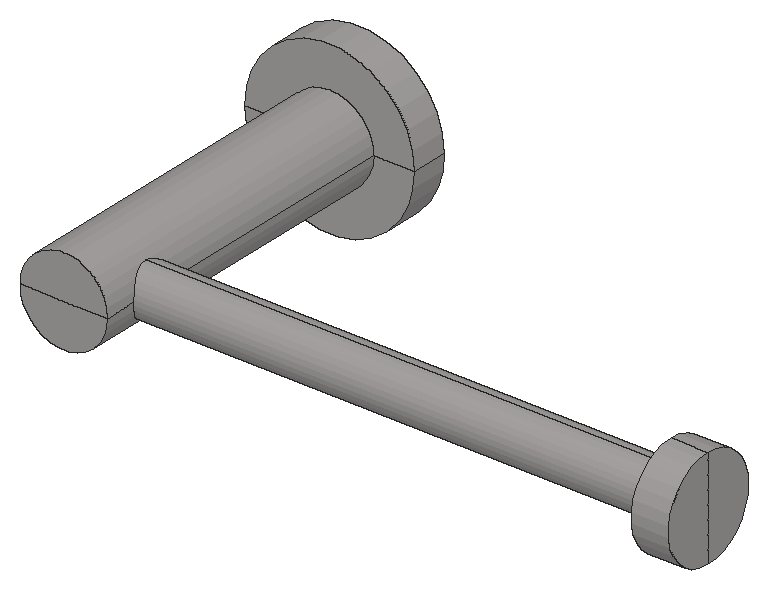
Revit family "Reece_Accessory_Milli_Mood Edit_Toilet Roll Holder", category Plumbing Fixtures, Revit 2018
Family settings
  Round Connector Dimension = Use Diameter
  Part Type = Normal
  Work Plane-Based = Yes
  Always vertical = Yes
  Cut with Voids When Loaded = Yes
  Shared = Yes
  Room Calculation Point = Yes
Parameters (values of type "Brushed Gunmetal")
  URL = "https://www.reece.com.au/product/-2281325"
  Type Comments = "Accessory"
  Reece_Product_Web Page = "https://www.reece.com.au/product/-2281325"
  Reece_Product_Type = "Accessory"  # constant formula
  Reece_Product_Sub Brand = "Mood Edit"  # constant formula
  Reece_Product_Number = "2281325"
  Reece_Product_Mount = "Wall Mounted"
  Reece_Product_Description = "Milli Mood Edit Toilet Roll Holder Brushed Gunmetal"
  Reece_Product_Brand = "Milli"  # constant formula
  Reece_Overall_Projection = 80 mm  # constant formula
  Reece_Overall_Length = 130 mm  # constant formula
  Reece_Material_Main = Reece_Brass_Brushed Gunmetal
  Reece_Height_From_Level [instance] = 1000 mm
  Reece_Detail_Shape = ""
  Reece_Detail_Installation = ""
  Reece_Detail_Disclaimer = "THIS FILE IS THE PROPERTY OF THE REECE GROUP. IT MAY NOT BE REPRODUCED, REVERSE-ENGINEERED OR MODIFIED. ANY REPUBLICATION, TRANSMISSION OR DISTRIBUTION FOR THE PURPOSE OF COMMERCIALLY EXPLOITING THE FILES IS PROHIBITED."  # constant formula
  Reece_Detail_Connector = ""  # constant formula
  Reece_Detail_Additional = "Toilet Roll Holder\r\n"  # constant formula
  Model = "Mood Edit"
  Manufacturer = "Milli"
  Keynote = "Product #2281325, Reece_Accessory_Milli_Mood Edit_Toilet Roll Holder - Brushed Gunmetal"
  Disclaimer = "THIS FILE IS THE PROPERTY OF THE REECE GROUP. IT MAY NOT BE REPRODUCED, REVERSE-ENGINEERED OR MODIFIED. ANY REPUBLICATION, TRANSMISSION OR DISTRIBUTION FOR THE PURPOSE OF COMMERCIALLY EXPLOITING THE FILES IS PROHIBITED."  # constant formula
  Description = "Milli Mood Edit Toilet Roll Holder Brushed Gunmetal"
  Default Elevation = 0 mm
Types (9, lengths in mm): name | URL | Reece_Product_Web Page | Reece_Product_Number | Reece_Product_Description | Reece_Material_Main | Keynote | Description
  Brushed Gunmetal | "https://www.reece.com.au/product/-2281325" | "https://www.reece.com.au/product/-2281325" | "2281325" | "Milli Mood Edit Toilet Roll Holder Brushed Gunmetal" | Reece_Brass_Brushed Gunmetal | "Product #2281325, Reece_Accessory_Milli_Mood Edit_Toilet Roll Holder - Brushed Gunmetal" | "Milli Mood Edit Toilet Roll Holder Brushed Gunmetal"
  Brushed Nickel | "https://www.reece.com.au/product/-2299210" | "https://www.reece.com.au/product/-2299210" | "2299210" | "Milli Mood Edit Toilet Roll Holder Brushed Nickel" | Reece_Brass_Brushed Nickel | "Product #2299210, Reece_Accessory_Milli_Mood Edit_Toilet Roll Holder - Brushed Nickel" | "Milli Mood Edit Toilet Roll Holder Brushed Nickel"
  Chrome | "https://www.reece.com.au/product/-2263305" | "https://www.reece.com.au/product/-2263305" | "2263305" | "Milli Mood Edit Toilet Roll Holder Chrome" | Reece_Brass_Chrome | "Product #2263305, Reece_Accessory_Milli_Mood Edit_Toilet Roll Holder - Chrome" | "Milli Mood Edit Toilet Roll Holder Chrome"
  Matte Black | "https://www.reece.com.au/product/-2281247" | "https://www.reece.com.au/product/-2281247" | "2281247" | "Milli Mood Edit Toilet Roll Holder Matte Black" | Reece_Brass_Matte Black | "Product #2281247, Reece_Accessory_Milli_Mood Edit_Toilet Roll Holder - Matte Black" | "Milli Mood Edit Toilet Roll Holder Matte Black"
  PVD Brushed Bronze | "https://www.reece.com.au/product/-9511110" | "https://www.reece.com.au/product/-9511110" | "9511110" | "Milli Mood Edit Toilet Roll Holder PVD Brushed Bronze" | Reece_PVD_Brushed Bronze | "Product #9511110, Reece_Accessory_Milli_Mood Edit_Toilet Roll Holder - PVD Brushed Bronze" | "Milli Mood Edit Toilet Roll Holder PVD Brushed Bronze"
  PVD Brushed Gold | "https://www.reece.com.au/product/-9510925" | "https://www.reece.com.au/product/-9510925" | "9510925" | "Milli Mood Edit Toilet Roll Holder PVD Brushed Gold" | Reece_PVD_Brushed Gold | "Product #9510925, Reece_Accessory_Milli_Mood Edit_Toilet Roll Holder - PVD Brushed Gold" | "Milli Mood Edit Toilet Roll Holder PVD Brushed Gold"
  PVD Brushed Gunmetal | "https://www.reece.com.au/product/-9511784" | "https://www.reece.com.au/product/-9511784" | "9511784" | "Milli Mood Edit Toilet Roll Holder PVD Brushed Gunmetal" | Reece_PVD_Brushed Gunmetal | "Product #9511784, Reece_Accessory_Milli_Mood Edit_Toilet Roll Holder - PVD Brushed Gunmetal" | "Milli Mood Edit Toilet Roll Holder PVD Brushed Gunmetal"
  PVD Brushed Nickel | "https://www.reece.com.au/product/-9511599" | "https://www.reece.com.au/product/-9511599" | "9511599" | "Milli Mood Edit Toilet Roll Holder PVD Brushed Nickel" | Reece_PVD_Brushed Nickel | "Product #9511599, Reece_Accessory_Milli_Mood Edit_Toilet Roll Holder - PVD Brushed Nickel" | "Milli Mood Edit Toilet Roll Holder PVD Brushed Nickel"
  PVD Matte Black | "https://www.reece.com.au/product/-9511414" | "https://www.reece.com.au/product/-9511414" | "9511414" | "Milli Mood Edit Toilet Roll Holder PVD Matte Black" | Reece_PVD_Matte Black | "Product #9511414, Reece_Accessory_Milli_Mood Edit_Toilet Roll Holder - PVD Matte Black" | "Milli Mood Edit Toilet Roll Holder PVD Matte Black"
Reference planes
  plane 1 "Center (Front/Back)": y = 0
  plane 2 "Bottom Host Plane": z = 0
  plane 3 "Center (Left/Right)": x = 0
  plane 4 "Roll Height": z = 1000
  plane 5: y = -80
  plane 6: x = 130
  plane 7: z = -5
Forms (mm)
  Revolve 1, solid, material "Reece_Brass_Brushed Gunmetal" <- "Reece_Material_Main"
    sketch origin (0, 0, 1000) x (0, 1, 0) y (-1, 0, 0)
      loop
        line (0, 0) -> (-7.907, 0) -> (-80, 0) -> (-80, -9.5) -> (-7.907, -9.5) -> (-7.907, -18.5) -> (0, -18.5) -> (0, 0)
      axis (0, 0) -> (-80, 0)
    angle from 0 to 360
  Revolve 2, solid, material "Reece_Brass_Brushed Gunmetal" <- "Reece_Material_Main"
    sketch origin (0, -67.675, 256.419) x (0, 0, -1) y (-1, 0, 0)
      loop
        line (-749.02, -122) -> (-754.456, -122) -> (-754.456, -130) -> (-743.581, -130) -> (-743.581, 0) -> (-749.02, 0) -> (-749.02, -122)
      axis (-743.581, 0) -> (-743.581, -130)
    angle from 0 to 360
Cuts and joins
  joined: Revolve 1, Revolve 2
Lines and regions (mm)
  model lines, style "InvisibleLines"
    curve 1: line (0, 0, -5) -> (0, 0, 1000)
Text (mm)
  text "Reece ©" at (2535.266, -2331.773, 3149.773), in view "Reece Preview"
  text "Reece Copyright © 2018, Reece Ltd." at (29.365, -148.756, 0), in view "Ref. Level"
Dimensions and locks
  locked: plane 2 "Bottom Host Plane" to level
  Revolve 1 to Revolve 1 = 7.907 mm
  "Reece_Overall_Projection": plane 1 "Center (Front/Back)" to plane 5
  plane 1 "Center (Front/Back)" to plane 5 = 80 mm
  "Reece_Height_From_Level": plane 4 "Roll Height" to level
  plane 4 "Roll Height" to level = 1000 mm  (x2)
  "Reece_Overall_Length": plane 6 to plane 3 "Center (Left/Right)"
  cut or joined group of Revolve 1, Revolve 2 to plane 1 "Center (Front/Back)" = 7.907 mm
  locked: level to plane 7 at 5
  locked: cut or joined group of Revolve 1, Revolve 2 to cut or joined group of Revolve 1, Revolve 2 at 8  (x2)
  locked: cut or joined group of Revolve 1, Revolve 2 to cut or joined group of Revolve 1, Revolve 2 at 21.791
  plane 3 "Center (Left/Right)" to plane 6 = 130 mm
  cut or joined group of Revolve 1, Revolve 2 to cut or joined group of Revolve 1, Revolve 2 = 37 mm
  aligned and locked: Revolve 1 sketch curve to plane 3 "Center (Left/Right)"
  aligned and locked: plane 5 to Revolve 1
  aligned and locked: Revolve 2 sketch curve to plane 3 "Center (Left/Right)"
  aligned and locked: plane 4 "Roll Height" to curve 1
  aligned and locked: plane 7 to curve 1
Automatic sketch dimensions
  Revolve 1 sketch curve to plane 3 "Center (Left/Right)" = 0 mm
  Revolve 1 sketch curve to plane 5 = 0 mm
  plane 1 "Center (Front/Back)" to Revolve 1 sketch curve = 0 mm
  Revolve 1 sketch curve to Revolve 1 sketch curve = 7.907 mm  (x2)
  Revolve 1 sketch curve to plane 5 = 49.452 mm
  Revolve 1 sketch curve to plane 1 "Center (Front/Back)" = 40.548 mm
  plane 6 to Revolve 2 sketch curve = 0 mm
  Revolve 2 sketch curve to plane 4 "Roll Height" = 0 mm  (x2)
  plane 6 to Revolve 2 sketch curve = 8 mm
  Revolve 2 sketch curve to plane 6 = 48.493 mm
  plane 4 "Roll Height" to Revolve 2 sketch curve = 5.439 mm
  Revolve 2 sketch curve to Revolve 2 sketch curve = 5.436 mm
  Revolve 2 sketch curve to Revolve 2 sketch curve = 0.001 mm
  curve 1 to plane 3 "Center (Left/Right)" = 0 mm
  Revolve 1 sketch curve to Revolve 1 sketch curve = 9.5 mm
  Revolve 1 sketch curve to Revolve 1 sketch curve = 9 mm
  Revolve 2 sketch curve to plane 3 "Center (Left/Right)" = 161.007 mm
